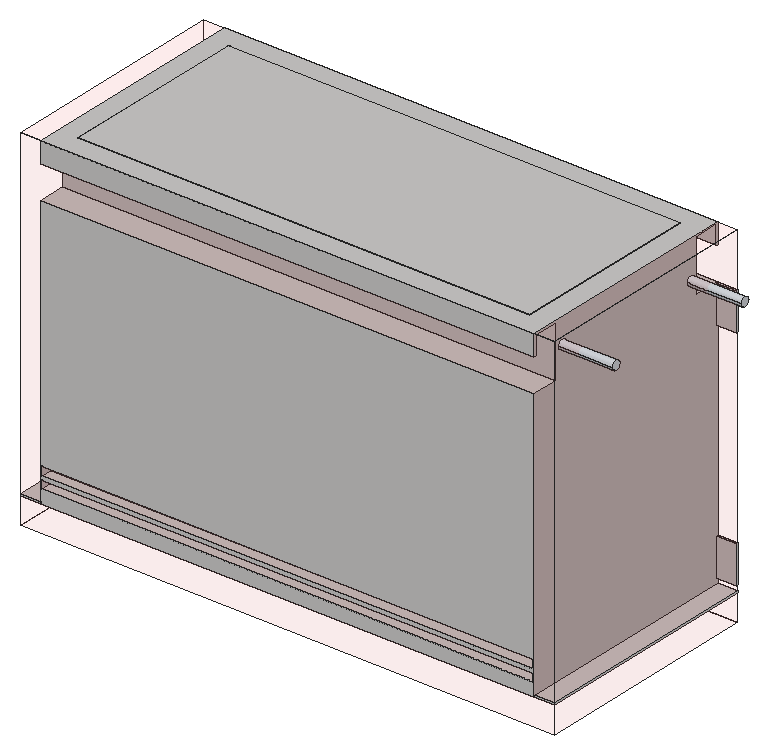
Revit family "Air-Curtain_Customer-Entry_PoweredAire_CHS", category Mechanical Equipment, host Face, Revit 2016
Family settings
  Host = Face
  Part Type = Normal
  Round Connector Dimension = Use Diameter
  OmniClass Number = 23.75.35.17.21
  OmniClass Title = Air Curtains
  Cut with Voids When Loaded = No
  Shared = No
  Room Calculation Point = No
Parameters
  upperrotation [instance] = if(Upper Pipe Connection Side A, 0.00°, 180.00°)  # 0.00°
  lowerrotation [instance] = if(Lower Pipe Connection Side A, 0.00°, 180.00°)  # 0.00°
  locateupperpipe [instance] = if(Upper Pipe Connection Side A, 0' 0", Nozzle Width)  # 0' - 0"
  locatelowerpipe [instance] = if(Lower Pipe Connection Side A, 0' 0", Nozzle Width)  # 0' - 0"
  Warranty Duration (Years) = 0
  Upper Pipe Connection Side A [instance] = yes
  Unit Width Notes = "Other Widths available."  # constant formula
  Unit Width = 3' - 3"
  Unit Weight = 0
  Unit Height = 1' - 4 3/4"
  Unit Depth [instance] = if(Include Filters, 2' 1 7/8", 1' 11 3/4")  # 1' - 11 3/4"
  URL = "http://www.poweredaire.com/"
  Test Data = ""
  Temperature Rise_Range = "as Specified"
  Standards Conformance = "as Specified"
  Specification = "http://www.arcat.com/sdspecs/htm04/23_34_33pai.htm"
  SpecWizard = ""
  Sound Pressure = "as Specified"
  Sales Information = "http://www.poweredaire.com/contact_us"
  Revision = "R1_2016-08"
  Projection from Host [instance] = 0' - 2"
  Product Properties = ""
  Product Data = "http://www.arcat.com/arcatcos/cos47/arc47623.html"
  Power Rating = 0 W
  Piping_Water Flow [instance] = 0 GPM
  Piping_Operating Pressure [instance] = 0.00 psi
  Piping_Exit Temperature [instance] = 0 °F
  Piping_Entry Temperature [instance] = 0 °F
  Pipe OD [instance] = 5/8"
  Outlet Volume_Range = "as Specified"
  Outlet Velocity_Range = "as Specified"
  Nozzle Width = if(1 = 1, Unit Width - 0' 3", 0' 0")  # 3' - 0"
  Mounting Width = if(1 = 1, Unit Width - 0' 1 1/2", 0' 0")  # 3' - 1 1/2"
  Mounting Height [instance] = 3' - 6"
  Motor RPM = 0
  Motor HP = 0
  Motor Count = 0
  Model = "As Specified"
  Max Height = 0' - 0"
  Manufacturer Website = "http://www.poweredaire.com/"
  Manufacturer Phone - Toll Free = "888-321-2473"
  Manufacturer Phone = "724-588-3305"
  Manufacturer Fax = "724-588-3371"
  Manufacturer Address = "109 Mortensen Rd.  Greenville, PA 16125"
  Manufacturer = "Powered Aire, Inc"
  Maintenance Schedule (Months) = 0
  Lower Pipe Connection Side A [instance] = yes
  Keynote = "23 34 33"
  Installation-Fabrication = ""
  Installation Phase = ""
  Include Filters [instance] = no
  Include Clearance [instance] = yes
  Heating Element Load = 0 W
  HVAC_Temperature Rise [instance] = 0 °F
  HVAC_Outlet Volume [instance] = 0 CFM
  HVAC_Outlet Velocity Uniformity = 0
  HVAC_Outlet Velocity [instance] = 0 FPM
  HVAC_BTU Input = 0.0 Btu/h
  Green Building-LEED = "http://www.arcat.com/green/clients/leed_data_47623.html"
  Front Grating Material [instance] = Metal - Steel - PoweredAire - Stainless 304 Perforated
  Frame Finish [instance] = Metal - Steel - PoweredAire - Stainless 304
  Expected Lifespan (Years) = 0
  Electrical_Wattage [instance] = Power Rating + Heating Element Load  # 0 W
  Electrical_Voltage [instance] = 0 V
  Electrical_Phase [instance] = 1
  Electrical_Frequency [instance] = 0 Hz
  Electrical_Amperage [instance] = 0 A
  Drawn By = "Sumex Design, Inc. / Robert S. Weygant, CSI, CDT, SCIP"
  Description = "Powered Aire Air Curtain as Specified"
  Default Elevation = 0' - 0"  # constant formula
  Copyright = "©Arcat Inc."
  Construction Details = "http://www.arcat.com/details/powair/prod3336.html"
  Clearance_Top [instance] = 0' - 0"
  Clearance_Side B [instance] = 0' - 0"
  Clearance_Side A [instance] = 0' - 0"
  Clearance_Intake [instance] = 0' - 0"
  Clearance_Bottom [instance] = 0' - 0"
  Clearance Material [instance] = ARCAT Clearance
  Building Codes = ""
  Available Options [instance] = "as Specified"
  Assembly Code = "D3090400"
Reference planes (in)
  plane 1 "Center (Elevation)": y = 0.13818
  plane 2: z = 0
  plane 3 "Center (Left/Right)": x = 0
  plane 4: y = 8.51318
  plane 5: y = -8.23682
  plane 6: x = -19.5
  plane 7: x = 19.5
  plane 8: z = 25.75
  plane 9 "FF": y = -41.86182
  plane 10: z = 2
  plane 11: x = 18
  plane 12: x = -18
  plane 13: y = 8.51318
  plane 14: y = -8.23682
  plane 15: x = -19.5
  plane 16: x = 19.5
  plane 17: z = 25.75
  plane 18: x = 17.9375
  plane 19: x = -17.9375
  plane 20: x = 18
  plane 21: x = 18
  plane 22: y = 6.01318
  plane 23: y = -5.73682
Forms (in)
  Extrusion 1, solid, material "Metal - Steel - PoweredAire - Stainless 304" <- "Frame Finish"
    sketch origin (0, 0, 0) x (0, 1, 0) y (0, 0, 1)
      loop
        line (-8.23682, 2) -> (8.51318, 2) -> (8.51318, 21.8125) -> (6.51318, 21.8125) -> (6.51318, 25.625) -> (8.38818, 25.625) -> (8.38818, 24.25) -> (8.51318, 24.25) -> (8.51318, 25.75) -> (-8.23682, 25.75) -> (-8.23682, 24.25) -> (-8.11182, 24.25) -> (-8.11182, 25.625) -> (-6.23682, 25.625) -> (-6.23682, 21.8125) -> (-8.23682, 21.8125) -> (-8.23682, 2)
    from -18 to 18
  Extrusion 2, solid, material "ARCAT Clearance" <- "Clearance Material", visible <- "Include Clearance"
    sketch origin (0, 0, 0) x (0, 1, 0) y (0, 0, 1)
      loop
        line (-8.23682, 25.75) -> (-8.23682, 0) -> (8.51318, 0) -> (8.51318, 25.75) -> (-8.23682, 25.75)
    from -19.5 to 19.5
  Extrusion 3, solid, material "Metal - Steel - PoweredAire - Stainless 304" <- "Frame Finish"
    sketch origin (-15.17702, -180, 2) x (-1, 0, 0) y (0, -1, 0)
      loop
        line (-33.17702, -188.51318) -> (-33.17702, -171.76318) -> (-34.67702, -171.76318) -> (-34.67702, -188.51318) -> (-33.17702, -188.51318)
      loop
        line (2.82298, -188.51318) -> (4.32298, -188.51318) -> (4.32298, -171.76318) -> (2.82298, -171.76318) -> (2.82298, -188.51318)
    from 0 to 0.125
  Extrusion 4, solid, material "Metal - Steel - PoweredAire - Stainless 304" <- "Frame Finish"
    sketch origin (-11.83813, 8.51318, 48) x (-1, 0, 0) y (0, 0, 1)
      loop
        line (-29.83813, -45.5) -> (-29.83813, -42.75) -> (-31.33813, -42.75) -> (-31.33813, -45.5) -> (-29.83813, -45.5)
      loop
        line (-29.83813, -28.9375) -> (-29.83813, -26.1875) -> (-31.33813, -26.1875) -> (-31.33813, -28.9375) -> (-29.83813, -28.9375)
      loop
        line (6.16187, -45.5) -> (7.66187, -45.5) -> (7.66187, -42.75) -> (6.16187, -42.75) -> (6.16187, -45.5)
      loop
        line (6.16187, -28.9375) -> (7.66187, -28.9375) -> (7.66187, -26.1875) -> (6.16187, -26.1875) -> (6.16187, -28.9375)
    from 0 to -0.125
  Extrusion 5, void
    sketch origin (0, 0, 0) x (0, 1, 0) y (0, 0, 1)
      loop
        line (-8.23682, 3) -> (-7.23682, 3) -> (-7.23682, 4.5) -> (-8.23682, 4.5) -> (-8.23682, 3.82425) -> (-7.38364, 3.82425) -> (-7.38364, 3.57425) -> (-8.23682, 3.57425) -> (-8.23682, 3)
    from -17.9375 to 17.9375
  Extrusion 6, solid, material "Metal - Steel - PoweredAire - Stainless 304 Perforated" <- "Front Grating Material"
    sketch origin (0, -8.23682, 25.75) x (0, 1, 0) y (-1, 0, 0)
      loop
        line (15.25, 16.5) -> (1.5, 16.5) -> (1.5, -16.5) -> (15.25, -16.5) -> (15.25, 16.5)
    from 0 to 0.03125
  Sweep 7, solid
    path origin (18, 6.01318, 0) x (1, 0, 0) y (0, 1, 0)
      loop
        line (0, 0) -> (4, 0)
    profile origin (20, 6.01318, 0) x (0, 1, 0) y (0, 0, 1)
      loop
        circle (0, 23) r 0.3125
  Sweep 8, solid
    path origin (18, -5.73682, 0) x (1, 0, 0) y (0, 1, 0)
      loop
        line (0, 0) -> (4, 0)
    profile origin (20, -5.73682, 0) x (0, 1, 0) y (0, 0, 1)
      loop
        circle (0, 24) r 0.3125
Cuts and joins
  Extrusion 5 cuts Extrusion 1
Lines and regions (in)
  reference lines
    curve 1: line (18, 6.01318, 0) -> (22.75, 6.01318, 0)
    curve 2: line (18, -5.73682, 0) -> (23.75, -5.73682, 0)
Dimensions and locks (in)
  equal spacing: plane 4, plane 1 "Center (Elevation)", plane 5
  "Unit Height": plane 4 to plane 5
  equal spacing: plane 6, plane 3 "Center (Left/Right)", plane 7
  "Unit Width": plane 6 to plane 7
  "Mounting Height": plane 1 "Center (Elevation)" to plane 9 "FF"
  "Projection from Host": plane 10 to level
  "Unit Depth": plane 8 to plane 10
  locked: plane 6 to plane 12 at 1.5
  locked: plane 11 to plane 7 at 1.5
  "Clearance_Side A": plane 7 to plane 16
  "Clearance_Side B": plane 15 to plane 6
  "Clearance_Top": plane 13 to plane 4
  "Clearance_Bottom": plane 5 to plane 14
  "Clearance_Intake": plane 17 to plane 8
  plane 5 to Extrusion 1 sketch curve to Extrusion 1 sketch curve = 0' - 0 1/8" locked, 0' - 1 7/8" locked
  Extrusion 1 sketch curve to Extrusion 1 sketch curve to plane 4 = 0' - 1 7/8" locked, 0' - 0 1/8" locked
  Extrusion 4 sketch curve to Extrusion 4 sketch curve to Extrusion 4 sketch curve to Extrusion 4 sketch curve to plane 10 = 0' - 2 3/4" locked, 1' - 1 13/16" locked, 0' - 2 3/4" locked, 0' - 0 1/2" locked
  Extrusion 4 sketch curve to Extrusion 4 sketch curve to Extrusion 4 sketch curve to Extrusion 4 sketch curve = 0' - 2 3/4" locked, 1' - 1 13/16" locked, 0' - 2 3/4" locked
  locked: Extrusion 4 sketch curve to plane 10 at 0.5
  plane 8 to Extrusion 1 sketch curve to Extrusion 1 sketch curve = 0' - 0 1/8" locked, 0' - 1 3/8" locked  (x2)
  locked: Extrusion 1 sketch curve to plane 10 at 19.8125  (x2)
  Extrusion 5 sketch curve to Extrusion 5 sketch curve to Extrusion 5 sketch curve to Extrusion 5 sketch curve to plane 10 = 0' - 0.67575" locked, 0' - 0 1/4" locked, 0' - 0.57425" locked, 0' - 1" locked
  plane 5 to Extrusion 5 sketch curve to Extrusion 5 sketch curve = 0' - 0.85319" locked, 0' - 0.14681" locked
  locked: plane 19 to plane 12 at 0.0625
  locked: plane 11 to plane 18 at 0.0625
  locked: plane 4 to Extrusion 6 sketch curve at 1.5
  locked: Extrusion 6 sketch curve to plane 5 at 1.5
  locked: Extrusion 6 sketch curve to plane 11 at 1.5
  locked: plane 12 to Extrusion 6 sketch curve at 1.5
  "locateupperpipe": plane 20 to plane 11
  "locatelowerpipe": plane 21 to plane 11
  locked: plane 4 to plane 22 at 2.5
  locked: plane 23 to plane 5 at 2.5
  locked: curve 1 to Sweep 7 sketch curve at 4
  locked: curve 1 to Sweep 7 sketch curve
  locked: Sweep 7 sketch curve to plane 10 at 21
  locked: curve 2 to Sweep 8 sketch curve at 4
  locked: curve 2 to Sweep 8 sketch curve
  locked: Sweep 8 sketch curve to plane 10 at 22
  "upperrotation": angle plane 22 to curve 1
  "lowerrotation": angle plane 23 to curve 2
  aligned and locked: plane 2 to host face
  aligned and locked: level to host face
  aligned and locked: Extrusion 2 sketch curve to plane 17
  aligned and locked: plane 14 to Extrusion 2 sketch curve
  aligned and locked: level to Extrusion 2 sketch curve
  aligned and locked: Extrusion 2 sketch curve to plane 13
  aligned and locked: plane 16 to Extrusion 2
  aligned and locked: Extrusion 2 to plane 15
  aligned and locked: plane 11 to Extrusion 1
  aligned and locked: Extrusion 1 to plane 12
  aligned and locked: plane 21 to curve 2
  aligned and locked: plane 23 to curve 2
  aligned and locked: plane 22 to curve 1
  aligned and locked: plane 20 to curve 1
Automatic sketch dimensions
  host sketch curve to host sketch curve = 8' - 0"  (x2)
  Extrusion 1 sketch curve to plane 5 = 0' - 0"  (x2)
  Extrusion 1 sketch curve to plane 4 = 0' - 0"  (x2)
  Extrusion 1 sketch curve to plane 10 = 0' - 0"
  Extrusion 1 sketch curve to plane 8 = 0' - 0"
  plane 4 to Extrusion 3 sketch curve = 0' - 0"
  Extrusion 3 sketch curve to plane 7 = 0' - 0"
  plane 5 to Extrusion 3 sketch curve = 0' - 0"
  Extrusion 3 sketch curve to plane 11 = 0' - 0"
  Extrusion 3 sketch curve to plane 4 = 0' - 0"
  Extrusion 3 sketch curve to plane 12 = 0' - 0"
  Extrusion 3 sketch curve to plane 6 = 0' - 0"
  Extrusion 3 sketch curve to plane 5 = 0' - 0"
  Extrusion 4 sketch curve to plane 7 = 0' - 0"  (x2)
  Extrusion 4 sketch curve to plane 11 = 0' - 0"  (x2)
  Extrusion 4 sketch curve to plane 12 = 0' - 0"  (x2)
  Extrusion 4 sketch curve to plane 6 = 0' - 0"  (x2)
  Extrusion 5 sketch curve to plane 5 = 0' - 0"  (x2)
  Sweep 7 sketch curve to profile plane = 0' - 0"
  Sweep 8 sketch curve to profile plane = 0' - 0"
  radius of Sweep 7 sketch curve = 0' - 0 5/16"
  radius of Sweep 8 sketch curve = 0' - 0 5/16"
Connectors (in)
  piping at (22, 6.01318, 23), diameter 0.625, driven by "Pipe OD", driven by "Piping_Water Flow"
    settings: on Sweep 7, index 1, connector inside diameter 24", connector length 0' - 0", flow factor 0, pipe flow 0 GPM, pressure drop 0.00 psi, fitting loss kfactor 0, connector angle 0.00°, fixture units 0, engagement length 0' - 0", angle of deflection 0.00°, flow configuration 0, flow direction 0, fitting loss method 0, system type 29, joint type 0, gender type 0, connector reference index -1, connector utility 0, adjustable connector no, is connector primary yes, connector description "Define Supply or Return and Location"
  piping at (22, -5.73682, 24), diameter 0.625, driven by "Pipe OD", driven by "Piping_Water Flow"
    settings: on Sweep 8, index 2, connector inside diameter 24", connector length 0' - 0", flow factor 0, pipe flow 0 GPM, pressure drop 0.00 psi, fitting loss kfactor 0, connector angle 0.00°, fixture units 0, engagement length 0' - 0", angle of deflection 0.00°, flow configuration 0, flow direction 0, fitting loss method 0, system type 29, joint type 0, gender type 0, connector reference index -1, connector utility 0, adjustable connector no, is connector primary no, connector description "Define Supply or Return and Location"
  electrical at (-18, 0.13818, 21.39062), driven by "Electrical_Voltage", driven by "Electrical_Phase"
    settings: on cut or joined group of Extrusion 1, Extrusion 5, index 3, voltage 0 V, apparent load 0 VA, apparent load phase1 0 VA, apparent load phase2 0 VA, apparent load phase3 0 VA, power factor 1, load classification "Motor", number of poles 1, system type 31, power factor state 1, is connector primary yes, connector utility no, sub classification motor no, connector description ""
